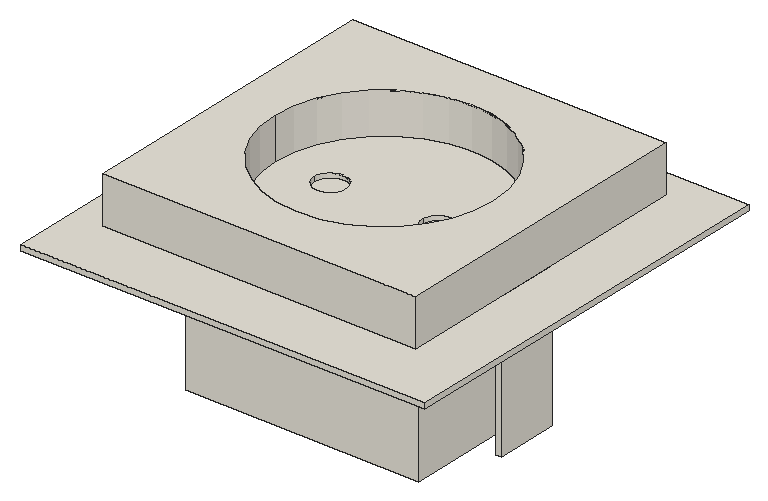
Revit family "Gira_277601", category Electrical Fixtures, host Face, Revit 2017
Family settings
  Host = Face
  Maintain Annotation Orientation = Yes
  Round Connector Dimension = Use Diameter
  Part Type = Normal
  Cut with Voids When Loaded = No
  Shared = No
  Room Calculation Point = No
Parameters (values of type "Sock.BS 13 A SH System 55 cr.white")
  With signal lamp = "No"
  With orientation lighting = "No"
  With on/off switch = "No"
  With miniature fuse = "No"
  With loop through function = "No"
  With hinged lid = "No"
  With function lighting = "No"
  With child-protection = "Yes"
  With built-in USB power supply = "No"
  URL = "http://katalog.gira.de/en/datenblatt.html?artikelnr=277601"
  Type of fastening = "Mounting with screw"
  Transparent = "No"
  Surface protection = "Other"
  Surface finishing = "Glossy"
  Suitable for degree of protection (IP) = "IP20"
  Special power supply = "No special power supply"
  Rotated central insert = "No"
  RAL-number (akin) = "1013"
  Protective earth pin round = "No"
  Protective contact = "No"
  Over voltage protection = "No"
  Number of units = "1"
  Number of socket outlets switchable = "0"
  Number of modules (module system) = "1"
  Nominal voltage = "250"
  Nominal current = "13"
  Name = "Sock.BS 13 A SH System 55 cr.white"
  Mounting method = "Flush mounted (plaster)"
  Model = "British Standard"
  Material quality = "Thermoplastic"
  Material = "Plastic"
  Manufacturer URL = "https://www.gira.de/"
  Manufacturer = "Gira"
  Lockable = "No"
  Label space/information surface = "No"
  Insulated mounting = "No"
  Imprint/indication = "Without imprint"
  HeinzeBIM = "https://bimportal.heinze.de/bim/sock-bs-13-a-sh-system-55-cr-white/ab5e3285b673038e9f2b769e2ac894953eba689c"
  Halogen free = "Yes"
  HAN = "277601"
  GTIN = "4010337079347"
  Für "erschwerte Bedingungen" (nach VDE) (*de-DE) = "No"
  Fault current protection = "No"
  Eject-mechanism = "No"
  Description = "Sock.BS13A SH Sys55 CW,Socket outlet British Standard (BS 1363-2) 13 A 250 V~ with shutter,System 55, Support ring 71 x 71 mm,cream white glossy,Features:,- With screw terminals.,- For screw mounting only."
  Default Elevation = 1219.2 mm
  Data sheet (1) = "https://katalog.gira.de/en/download.html?artikelnr=277601"
  Cremeweiß glänzend = Cremeweiß glänzend
  Connection type = "Screwed terminal"
  Colour = "Cream white (electro white)"
  Category = "Socket outlet"
  BIM (1) = "https://media.stage.bim.site/public/gira/36a6b08/SYS55_Steckdose.rfa"
  Available = "No"
  Antibacterial treatment = "No"
Reference planes
  plane 1 "Center (Front/Back)": y = 0
  plane 2 "Reference Level 0": z = 0
  plane 3 "Center (Left/Right)": x = 0
  plane 4: x = 9.5
  plane 5: x = -9.5
  plane 6: x = 9.5
  plane 7: x = -9.5
  plane 8: x = 9.5
  plane 9: x = -9.5
  plane 10: x = 17.5
  plane 11 "Reference Level 1": z = 8.2
Forms (mm)
  Extrusion 1, solid, material "Cremeweiß glänzend" <- "Cremeweiß glänzend", detail levels coarse
    sketch origin (0, 0, 0) x (1, 0, 0) y (0, 1, 0)
      loop
        line (-35.5, 35.5) -> (-35.5, -35.5) -> (35.5, -35.5) -> (35.5, 35.5) -> (-35.5, 35.5)
    from -27.5 to 8.2
  Extrusion 2, solid, material "Cremeweiß glänzend" <- "Cremeweiß glänzend", detail levels medium+fine
    sketch origin (0, 0, 0) x (1, 0, 0) y (0, 1, 0)
      loop
        line (-35.5, 35.5) -> (-35.5, -35.5) -> (35.5, -35.5) -> (35.5, 35.5) -> (-35.5, 35.5)
    from -2.2 to -3.2
  Extrusion 3, solid, material "Cremeweiß glänzend" <- "Cremeweiß glänzend", detail levels medium+fine
    sketch origin (0, 0, 0) x (1, 0, 0) y (0, 1, 0)
      loop
        line (-27.5, 27.5) -> (-27.5, -27.5) -> (27.5, -27.5) -> (27.5, 27.5) -> (-27.5, 27.5)
      loop
        circle (0, 0) r 19.2
    from 0 to 8.2
  Extrusion 4, solid, material "Cremeweiß glänzend" <- "Cremeweiß glänzend", detail levels fine
    sketch origin (0, 0, 0) x (1, 0, 0) y (0, 1, 0)
      loop
        circle (0, 0) r 19.2
      loop
        circle (9.5, 0) r 2.8
      loop
        circle (-9.5, 0) r 2.8
    from 0 to 1
  Extrusion 5, solid, material "Cremeweiß glänzend" <- "Cremeweiß glänzend", detail levels fine
    sketch origin (0, 0, 0) x (1, 0, 0) y (0, 1, 0)
      loop
        circle (-9.5, 0) r 2.8
      loop
        circle (9.5, 0) r 2.8
    from -2.2 to 0.3
  Extrusion 6, solid, material "Cremeweiß glänzend" <- "Cremeweiß glänzend", detail levels medium
    sketch origin (0, 0, 0) x (1, 0, 0) y (0, 1, 0)
      loop
        circle (0, 0) r 19.2
      loop
        circle (9.5, 0) r 2.8
      loop
        circle (-9.5, 0) r 2.8
    from 7.2 to 8.2
  Extrusion 7, solid, material "Cremeweiß glänzend" <- "Cremeweiß glänzend", detail levels medium
    sketch origin (0, 0, 0) x (1, 0, 0) y (0, 1, 0)
      loop
        circle (-9.5, 0) r 2.8
      loop
        circle (9.5, 0) r 2.8
    from 7.2 to 8.2
  Extrusion 8, solid, material "Cremeweiß glänzend" <- "Cremeweiß glänzend", detail levels medium+fine
    sketch origin (0, 0, 0) x (1, 0, 0) y (0, 1, 0)
      loop
        line (-20.5, 9) -> (-20.5, -18) -> (20.5, -18) -> (20.5, 9) -> (17.5, 9) -> (3, 21) -> (3, 24) -> (-3, 24) -> (-3, 21) -> (-17.5, 9) -> (-20.5, 9)
    from 0 to -27.5
  Extrusion 9, solid, material "Cremeweiß glänzend" <- "Cremeweiß glänzend", detail levels medium+fine
    sketch origin (0, 0, 0) x (1, 0, 0) y (0, 1, 0)
      loop
        line (-25, 5.5) -> (-25, -5.5) -> (-24, -5.5) -> (-24, 5.5) -> (-25, 5.5)
    from 0 to -27.5
  Extrusion 10, solid, material "Cremeweiß glänzend" <- "Cremeweiß glänzend", detail levels medium+fine
    sketch origin (0, 0, 0) x (-1, 0, 0) y (0, -1, 0)
      loop
        line (-25, 5.5) -> (-25, -5.5) -> (-24, -5.5) -> (-24, 5.5) -> (-25, 5.5)
    from 0 to -27.5
Dimensions and locks
  aligned and locked: plane 2 "Reference Level 0" to host face
  aligned and locked: level to host face
  aligned and locked: plane 3 "Center (Left/Right)" to nested 1
  aligned and locked: plane 1 "Center (Front/Back)" to nested 1
Nested families
  nested 1: "Steckdose 1-fach Beschriftung" at (0, 0, 0), type "Steckdose 1-fach Beschriftung"
Connectors
  electrical at (0, 9, -27.5)
    settings: on Extrusion 8, index 1, voltage 220 V, apparent load 0 VA, apparent load phase1 0 VA, apparent load phase2 0 VA, apparent load phase3 0 VA, power factor 1, load classification "Other", number of poles 1, system type 31, power factor state 1, is connector primary yes, connector utility no, sub classification motor no, connector description ""
Definition of nested family "Steckdose 1-fach Beschriftung"
  Reference planes
    plane 1: y = 0
    plane 2: x = 0
  Lines and regions (mm)
    detail lines
      curve 1: line (0, 0, 0) -> (0, 2, 0)
      curve 3: line (0, 2, 0) -> (-1, 2, 0)
      curve 4: arc (1, 3, 0) -> (0, 2, 0) -> (-1, 3, 0) r 1
      curve 5: line (0, 2, 0) -> (1, 2, 0)
    reference lines
      curve 2: line (-0.485, 3, 0) -> (2.315, 3, 0)
  Dimensions and locks
    curve 1 to curve 1 = 2 mm
    plane 1 to curve 2 = 3 mm
    curve 3 to curve 3 = 1 mm
